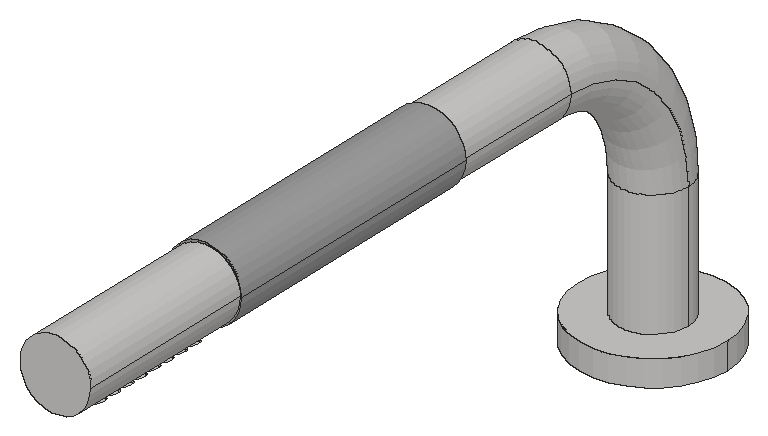
Revit family "T1", category Generic Models, Revit 2021
Family settings
  Can host rebar = No
  Round Connector Dimension = Use Diameter
  Part Type = Normal
  Work Plane-Based = No
  Always vertical = Yes
  Cut with Voids When Loaded = No
  Shared = No
  Room Calculation Point = No
Parameters (values of type "Standard")
  e-mail = "info@vola.com"
  URL = "http://vola.com"
  Telephone = "+45 7023 5500"
  Quality management standard = "ISO 9001"
  Organisation no. / DUNS no. = "17531328"
  Occupational health and safety management standard = "ISO 18001"
  Mounting Instructions = "http://vola.com/service/producturl.ashx?name=T1"
  Model = "T1"
  Materials and components information = "http://vola.com/service/producturl.ashx?name=T1"
  Manufacturer = "VOLA A/S"
  Maintenance Instructions = "http://vola.com/service/producturl.ashx?name=T1"
  Guarantee = "2 years"
  Environmental management standard = "ISO 14000"
  Default Elevation = 0.0000 mm
  Connection - All relevant connections = ""
  Approvals = "http://vola.com/service/producturl.ashx?name=T1"
Reference planes
  plane 1 "Center (Front/Back)": y = 0
  plane 2: z = 0
  plane 3 "Center (Left/Right)": x = 0
Forms (mm)
  Extrusion 1, solid, material "Stainless Steel"
    sketch origin (0, 0, 0) x (1, 0, 0) y (0, 1, 0)
      loop
        circle (0, 0) r 20
    from 0 to 7
  Sweep 2, solid, material "Stainless Steel"
    path origin (0, 0, 0) x (0, 1, 0) y (0, 0, 1)
      loop
        line (0, 7) -> (0, 40.5)
        arc (0, 40.5) -> (-11.569, 68.431) -> (-39.5, 80) r 39.5
        line (-39.5, 80) -> (-75.5, 80)
    profile origin (0, 0, 23.75) x (0, -1, 0) y (1, 0, 0)
      loop
        circle (0, 0) r 9.5
  Extrusion 3, solid, material "Grey Coating"
    sketch origin (0, -75.5, 80) x (1, 0, 0) y (0, 0, 1)
      loop
        circle (0, 0) r 10
    from 0 to 75
  Extrusion 4, solid, material "Stainless Steel"
    sketch origin (0, -150.5, 80) x (1, 0, 0) y (0, 0, 1)
      loop
        circle (0, 0) r 9.5
    from 0 to 50
  Extrusion 5, solid, material "Stainless Steel"
    sketch origin (0, 9.25, 62.884) x (1, 0, 0) y (0, 1, 0)
      loop
        circle (0, -200.45) r 1.225
      loop
        circle (0, -195.95) r 1.225
      loop
        circle (0, -191.45) r 1.225
      loop
        circle (0, -186.95) r 1.225
      loop
        circle (0, -182.45) r 1.225
      loop
        circle (0, -177.95) r 1.225
      loop
        circle (0, -173.45) r 1.225
      loop
        circle (0, -168.95) r 1.225
    from 7.116 to 10.217
  Extrusion 6, solid, material "Stainless Steel"
    sketch origin (8.298, 9.25, 65.03) x (-0.87462, 0, -0.48481) y (0, -1, 0)
      loop
        circle (0, 200.45) r 1.225
      loop
        circle (0, 195.95) r 1.225
      loop
        circle (0, 191.45) r 1.225
      loop
        circle (0, 186.95) r 1.225
      loop
        circle (0, 182.45) r 1.225
      loop
        circle (0, 177.95) r 1.225
      loop
        circle (0, 173.45) r 1.225
      loop
        circle (0, 168.95) r 1.225
    from 7.116 to 10.217
  Extrusion 7, solid, material "Stainless Steel"
    sketch origin (-8.298, 9.25, 65.03) x (0.87462, 0, -0.48481) y (0, 1, 0)
      loop
        circle (0, -200.45) r 1.225
      loop
        circle (0, -195.95) r 1.225
      loop
        circle (0, -191.45) r 1.225
      loop
        circle (0, -186.95) r 1.225
      loop
        circle (0, -182.45) r 1.225
      loop
        circle (0, -177.95) r 1.225
      loop
        circle (0, -173.45) r 1.225
      loop
        circle (0, -168.95) r 1.225
    from 7.116 to 10.217
Cuts and joins
  joined: Extrusion 4, Extrusion 5, Extrusion 6, Extrusion 7
Dimensions and locks
  aligned and locked: plane 2 to level
